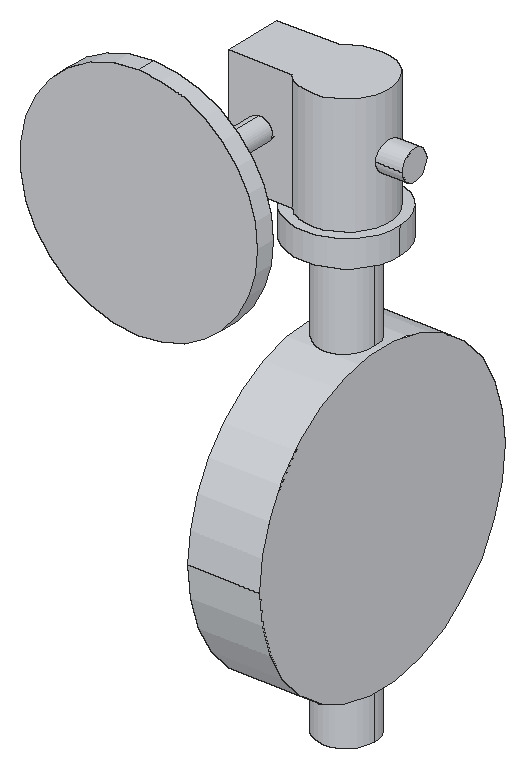
Revit family "HS497-67_disk-litina-převodové kolo DN200-RFA_2019", category Pipe Accessories, Revit 2019
Family settings
  Round Connector Dimension = Use Diameter
  Part Type = Valve - Breaks Into
  Work Plane-Based = No
  Always vertical = Yes
  Cut with Voids When Loaded = No
  Shared = No
Parameters (values of type "HS 497-67_DN200_PN16_převodové kolo")
  magiProductId = "b2793cc1fcc44cf2a35062cd67c04f"
  magiProductFamilyId = "53cea81e6f374d17b8841d9c72ad77"
  magiPartTypeId = 305
  isMeasuringValve [instance] = no
  ang2D [instance] = 0.00°
  X11 = 61.456 mm
  X1 = 25.456 mm
  W2D = 1000 mm
  VersionID = "2.0/2017.9.26.1/ZETKAMA_497_001"
  Use Minimum Symbol Size [instance] = yes
  URL = "http://www.hydronic.cz"
  Type Comments = "mezipřírubová; litinový disk; PN16; -10~+110°C (krátkodobě +120°C)"
  SW30 = yes
  SW3 = yes
  SW21 = no
  SW20 = no
  SW2 = no
  SW1 = no
  R = 100 mm
  QmdConnectorList = "301;D;302;D"
  Productdata [instance] = ""
  NC = 57 mm
  Model = ""
  Manufacturer = "Hydronic Systems Prague s.r.o."
  MM20 = 25.456 mm
  MC Product Code = "125 200 (litinový disk, s převodovým kolem; DN200; PN16, kvs2675)"
  M41 = 78.75 mm
  M4 = 52.5 mm
  LHL = 220 mm
  LHH3 = 2.45 mm
  LHH1 = 46.55 mm
  LH1 = 73.333 mm
  L4R__ve = -L4R  # -15.2 mm
  L4R = 15.2 mm
  L42__ve = -L42  # -114 mm
  L42 = 114 mm
  L41__ve = -L41  # -22.8 mm
  L41 = 22.8 mm
  L2D_Min = 3048 mm
  L2D = 216 mm
  L2 = 30 mm
  L1 = 48 mm
  L = 60 mm
  H = 33 mm
  G22 = 11.25 mm
  G2 = 22.5 mm
  G1 = 90 mm
  G = 90 mm
  F = 17 mm
  E44 = 50 mm
  E42 = 100 mm
  E4 = 200 mm
  E23 = 4.9 mm
  E22 = 19.6 mm
  E21 = 9.8 mm
  Description = "Mezipřírubová uzavírací klapka s převodovým kolem; litinový disk, DN200; PN16; kvs2675"
  DR2 = 100 mm
  DR = 257 mm
  DD1 = 25 mm
  DD = 20 mm
  D = 200 mm
  CAT0 = yes
  B2__ve = -B2  # -70 mm
  B2 = 70 mm
  A2 = 22.5 mm
  A1 = 102.5 mm
Types (43, lengths in mm): name | magiProductId | X11 | X1 | Type Comments | SW30 | SW3 | SW20 | SW2 | SW1 | R | NC | MM20 | MC Product Code | M41 | M4 | LHL | LHH3 | LHH1 | LH1 | L4R__ve | L4R | L42__ve | L42 | L41__ve | L41 | L2 | L1 | L | H | G | F | E44 | E42 | E4 | E23 | E22 | E21 | Description | DR2 | DR | DD1 | DD | D | B2__ve | B2 | A2 | A1
  HS 497-67_DN100_PN16_volné vřeteno | "65d1b245f4f142c78569c0602d5754" | 61.456 | 25.456 | "mezipřírubová; litinový disk; PN16; -10~+110°C (krátkodobě +120°C)" | no | no | no | no | yes | 50 | 50 | 25.456 | "123 100 (litinový disk, s volným vřetenem; DN100; PN16, kvs512)" | 66 | 44 | 220 | 2.45 | 46.55 | 73.333 | -12.8 | 12.8 | -96 | 96 | -19.2 | 19.2 | 26 | 41.6 | 52 | 30 | 90 | 11 | 31.25 | 62.5 | 125 | 4.9 | 19.6 | 9.8 | "Mezipřírubová uzavírací klapka s volným vřetenem; litinový disk, DN100; PN16; kvs512" | 50 | 147 | 15.625 | 12.5 | 100 | -56 | 56 | 16.5 | 98.5
  HS 497-67_DN100_PN16_převodové kolo | "11e91b807e674d428c8e796fcdcfe2" | 61.456 | 25.456 | "mezipřírubová; litinový disk; PN16; -10~+110°C (krátkodobě +120°C)" | yes | yes | no | no | no | 50 | 50 | 25.456 | "125 100 (litinový disk, s převodovým kolem; DN100; PN16, kvs512)" | 65.25 | 43.5 | 220 | 2.45 | 46.55 | 73.333 | -12.8 | 12.8 | -96 | 96 | -19.2 | 19.2 | 26 | 41.6 | 52 | 30 | 90 | 11 | 31.25 | 62.5 | 125 | 4.9 | 19.6 | 9.8 | "Mezipřírubová uzavírací klapka s převodovým kolem; litinový disk, DN100; PN16; kvs512" | 50 | 147 | 15.625 | 12.5 | 100 | -56 | 56 | 16.5 | 98.5
  HS 497-67_DN100_PN16_s pákou | "28172f0b3f4b47b28323ac71cf8749" | 61.456 | 25.456 | "mezipřírubová; litinový disk; PN16; -10~+110°C (krátkodobě +120°C)" | no | no | yes | yes | no | 50 | 50 | 25.456 | "120 100 (litinový disk, s pákou; DN100; PN16, kvs512)" | 66 | 44 | 260 | 3 | 57 | 86.667 | -12.8 | 12.8 | -96 | 96 | -19.2 | 19.2 | 26 | 41.6 | 52 | 30 | 90 | 11 | 31.25 | 62.5 | 125 | 6 | 24 | 12 | "Mezipřírubová uzavírací klapka s pákou; litinový disk, DN100; PN16; kvs512" | 50 | 147 | 15.625 | 12.5 | 100 | -56 | 56 | 16.5 | 98.5
  HS 497-67_DN125_PN16_volné vřeteno | "0d813d910fc14f628bb3c2efbd185c" | 61.456 | 25.456 | "mezipřírubová; litinový disk; PN16; -10~+110°C (krátkodobě +120°C)" | no | no | no | no | yes | 62.5 | 50 | 25.456 | "123 125 (litinový disk, s volným vřetenem; DN125; PN16, kvs872)" | 66 | 44 | 220 | 2.45 | 46.55 | 73.333 | -12.8 | 12.8 | -96 | 96 | -19.2 | 19.2 | 28 | 44.8 | 56 | 33 | 90 | 14 | 31.25 | 62.5 | 125 | 4.9 | 19.6 | 9.8 | "Mezipřírubová uzavírací klapka s volným vřetenem; litinový disk, DN125; PN16; kvs872" | 62.5 | 180 | 15.625 | 12.5 | 125 | -64 | 64 | 18 | 99.5
  HS 497-67_DN125_PN16_převodové kolo | "c56b7c13f372467684996fb1e0e229" | 61.456 | 25.456 | "mezipřírubová; litinový disk; PN16; -10~+110°C (krátkodobě +120°C)" | yes | yes | no | no | no | 62.5 | 50 | 25.456 | "125 125 (litinový disk, s převodovým kolem; DN125; PN16, kvs872)" | 65.25 | 43.5 | 220 | 2.45 | 46.55 | 73.333 | -13.5 | 13.5 | -101.25 | 101.25 | -20.25 | 20.25 | 28 | 44.8 | 56 | 33 | 90 | 14 | 40 | 80 | 160 | 4.9 | 19.6 | 9.8 | "Mezipřírubová uzavírací klapka s převodovým kolem; litinový disk, DN125; PN16; kvs872" | 62.5 | 180 | 20 | 16 | 125 | -64 | 64 | 18 | 99.5
  HS 497-67_DN125_PN16_s pákou | "105993c79a91492399feef7931321a" | 61.456 | 25.456 | "mezipřírubová; litinový disk; PN16; -10~+110°C (krátkodobě +120°C)" | no | no | yes | yes | no | 62.5 | 50 | 25.456 | "120 125 (litinový disk, s pákou; DN125; PN16, kvs872)" | 66 | 44 | 315 | 3.75 | 71.25 | 105 | -12.8 | 12.8 | -96 | 96 | -19.2 | 19.2 | 28 | 44.8 | 56 | 33 | 90 | 14 | 31.25 | 62.5 | 125 | 7.5 | 30 | 15 | "Mezipřírubová uzavírací klapka s pákou; litinový disk, DN125; PN16; kvs872" | 62.5 | 180 | 15.625 | 12.5 | 125 | -64 | 64 | 18 | 99.5
  HS 497-67_DN150_PN16_volné vřeteno | "50c80cb8ab434f55ab7796e5ac1331" | 61.456 | 25.456 | "mezipřírubová; litinový disk; PN16; -10~+110°C (krátkodobě +120°C)" | no | no | no | no | yes | 75 | 50 | 25.456 | "123 150 (litinový disk, s volným vřetenem; DN150; PN16, kvs1347)" | 66 | 44 | 220 | 2.45 | 46.55 | 73.333 | -12.8 | 12.8 | -96 | 96 | -19.2 | 19.2 | 28 | 44.8 | 56 | 33 | 90 | 14 | 31.25 | 62.5 | 125 | 4.9 | 19.6 | 9.8 | "Mezipřírubová uzavírací klapka s volným vřetenem; litinový disk, DN150; PN16; kvs1347" | 75 | 206 | 15.625 | 12.5 | 150 | -58 | 58 | 19.3 | 98.7
  HS 497-67_DN150_PN16_převodové kolo | "d94a1a0cf83b476eb10011b327f709" | 61.456 | 25.456 | "mezipřírubová; litinový disk; PN16; -10~+110°C (krátkodobě +120°C)" | yes | yes | no | no | no | 75 | 50 | 25.456 | "125 150 (litinový disk, s převodovým kolem; DN150; PN16, kvs1347)" | 65.25 | 43.5 | 220 | 2.45 | 46.55 | 73.333 | -13.5 | 13.5 | -101.25 | 101.25 | -20.25 | 20.25 | 28 | 44.8 | 56 | 33 | 90 | 14 | 40 | 80 | 160 | 4.9 | 19.6 | 9.8 | "Mezipřírubová uzavírací klapka s převodovým kolem; litinový disk, DN150; PN16; kvs1347" | 75 | 206 | 20 | 16 | 150 | -58 | 58 | 19.3 | 98.7
  HS 497-67_DN150_PN16_s pákou | "4d2835523fe84828bc50ff0a5a0dfb" | 61.456 | 25.456 | "mezipřírubová; litinový disk; PN16; -10~+110°C (krátkodobě +120°C)" | no | no | yes | yes | no | 75 | 50 | 25.456 | "120 150 (litinový disk, s pákou; DN150; PN16, kvs1347)" | 66 | 44 | 315 | 3.75 | 71.25 | 105 | -12.8 | 12.8 | -96 | 96 | -19.2 | 19.2 | 28 | 44.8 | 56 | 33 | 90 | 14 | 31.25 | 62.5 | 125 | 7.5 | 30 | 15 | "Mezipřírubová uzavírací klapka s pákou; litinový disk, DN150; PN16; kvs1347" | 75 | 206 | 15.625 | 12.5 | 150 | -58 | 58 | 19.3 | 98.7
  HS 497-67_DN200_PN16_volné vřeteno | "5b29029eaeba47139ee1055a4b9201" | 61.456 | 25.456 | "mezipřírubová; litinový disk; PN16; -10~+110°C (krátkodobě +120°C)" | no | no | no | no | yes | 100 | 50 | 25.456 | "123 200 (litinový disk, s volným vřetenem; DN200; PN16, kvs2675)" | 66 | 44 | 220 | 2.45 | 46.55 | 73.333 | -12.8 | 12.8 | -96 | 96 | -19.2 | 19.2 | 30 | 48 | 60 | 33 | 90 | 17 | 31.25 | 62.5 | 125 | 4.9 | 19.6 | 9.8 | "Mezipřírubová uzavírací klapka s volným vřetenem; litinový disk, DN200; PN16; kvs2675" | 100 | 257 | 15.625 | 12.5 | 200 | -70 | 70 | 22.5 | 102.5
  HS 497-67_DN200_PN16_převodové kolo | "b2793cc1fcc44cf2a35062cd67c04f" | 61.456 | 25.456 | "mezipřírubová; litinový disk; PN16; -10~+110°C (krátkodobě +120°C)" | yes | yes | no | no | no | 100 | 57 | 25.456 | "125 200 (litinový disk, s převodovým kolem; DN200; PN16, kvs2675)" | 78.75 | 52.5 | 220 | 2.45 | 46.55 | 73.333 | -15.2 | 15.2 | -114 | 114 | -22.8 | 22.8 | 30 | 48 | 60 | 33 | 90 | 17 | 50 | 100 | 200 | 4.9 | 19.6 | 9.8 | "Mezipřírubová uzavírací klapka s převodovým kolem; litinový disk, DN200; PN16; kvs2675" | 100 | 257 | 25 | 20 | 200 | -70 | 70 | 22.5 | 102.5
  HS 497-67_DN200_PN16_s pákou | "f88d96c7af224537a51e72d7d8fffe" | 61.456 | 25.456 | "mezipřírubová; litinový disk; PN16; -10~+110°C (krátkodobě +120°C)" | no | no | yes | yes | no | 100 | 50 | 25.456 | "120 200 (litinový disk, s pákou; DN200; PN16, kvs2675)" | 66 | 44 | 315 | 3.75 | 71.25 | 105 | -12.8 | 12.8 | -96 | 96 | -19.2 | 19.2 | 30 | 48 | 60 | 33 | 90 | 17 | 31.25 | 62.5 | 125 | 7.5 | 30 | 15 | "Mezipřírubová uzavírací klapka s pákou; litinový disk, DN200; PN16; kvs2675" | 100 | 257 | 15.625 | 12.5 | 200 | -70 | 70 | 22.5 | 102.5
  HS 497-67_DN250_PN16_volné vřeteno | "b662e8305ca2402b9c510e66e6aa55" | 88.77 | 36.77 | "mezipřírubová; litinový disk; PN16; -10~+110°C (krátkodobě +120°C)" | no | no | no | no | yes | 125 | 50 | 36.77 | "123 250 (litinový disk, s volným vřetenem; DN250; PN16, kvs4555)" | 66 | 44 | 220 | 2.45 | 46.55 | 73.333 | -12.8 | 12.8 | -96 | 96 | -19.2 | 19.2 | 34 | 54.4 | 68 | 23 | 130 | 22 | 31.25 | 62.5 | 125 | 4.9 | 19.6 | 9.8 | "Mezipřírubová uzavírací klapka s volným vřetenem; litinový disk, DN250; PN16; kvs4555" | 125 | 324 | 15.625 | 12.5 | 250 | -85 | 85 | 28.25 | 129.25
  HS 497-67_DN250_PN16_převodové kolo | "5ee9016806664ddfaa2632711f295c" | 88.77 | 36.77 | "mezipřírubová; litinový disk; PN16; -10~+110°C (krátkodobě +120°C)" | yes | yes | no | no | no | 125 | 70 | 36.77 | "125 250 (litinový disk, s převodovým kolem; DN250; PN16, kvs4555)" | 91.5 | 61 | 220 | 2.45 | 46.55 | 73.333 | -22.2 | 22.2 | -166.5 | 166.5 | -33.3 | 33.3 | 34 | 54.4 | 68 | 23 | 130 | 22 | 62.5 | 125 | 250 | 4.9 | 19.6 | 9.8 | "Mezipřírubová uzavírací klapka s převodovým kolem; litinový disk, DN250; PN16; kvs4555" | 125 | 324 | 31.25 | 25 | 250 | -85 | 85 | 28.25 | 129.25
  HS 497-67_DN300_PN16_volné vřeteno | "e1886f51ff004380a649519258edf2" | 88.77 | 36.77 | "mezipřírubová; litinový disk; PN16; -10~+110°C (krátkodobě +120°C)" | no | no | no | no | yes | 150 | 50 | 36.77 | "123 300 (litinový disk, s volným vřetenem; DN300; PN16, kvs7037)" | 66 | 44 | 220 | 2.45 | 46.55 | 73.333 | -12.8 | 12.8 | -96 | 96 | -19.2 | 19.2 | 39 | 62.4 | 78 | 23 | 130 | 22 | 31.25 | 62.5 | 125 | 4.9 | 19.6 | 9.8 | "Mezipřírubová uzavírací klapka s volným vřetenem; litinový disk, DN300; PN16; kvs7037" | 150 | 376 | 15.625 | 12.5 | 300 | -90 | 90 | 30.8 | 127.2
  HS 497-67_DN300_PN16_převodové kolo | "6860f094f77d42088fbebc3c97f755" | 88.77 | 36.77 | "mezipřírubová; litinový disk; PN16; -10~+110°C (krátkodobě +120°C)" | yes | yes | no | no | no | 150 | 70 | 36.77 | "125 300 (litinový disk, s převodovým kolem; DN300; PN16, kvs7037)" | 91.5 | 61 | 220 | 2.45 | 46.55 | 73.333 | -22.2 | 22.2 | -166.5 | 166.5 | -33.3 | 33.3 | 39 | 62.4 | 78 | 23 | 130 | 22 | 62.5 | 125 | 250 | 4.9 | 19.6 | 9.8 | "Mezipřírubová uzavírací klapka s převodovým kolem; litinový disk, DN300; PN16; kvs7037" | 150 | 376 | 31.25 | 25 | 300 | -90 | 90 | 30.8 | 127.2
  HS 497-67_DN032_PN16_volné vřeteno | "8c5f65de52aa4067a77564107e31b2" | 61.456 | 25.456 | "mezipřírubová; litinový disk; PN16; -10~+110°C (krátkodobě +120°C)" | no | no | no | no | yes | 16 | 50 | 25.456 | "123 032 (litinový disk, s volným vřetenem; DN32; PN16, kvs78)" | 66 | 44 | 220 | 2.45 | 46.55 | 73.333 | -12.8 | 12.8 | -96 | 96 | -19.2 | 19.2 | 16.5 | 26.4 | 33 | 30 | 90 | 11 | 31.25 | 62.5 | 125 | 4.9 | 19.6 | 9.8 | "Mezipřírubová uzavírací klapka s volným vřetenem; litinový disk, DN32; PN16; kvs78" | 16 | 68 | 15.625 | 12.5 | 32 | -44.2 | 44.2 | 10.25 | 76.25
  HS 497-67_DN032_PN16_převodové kolo | "60aaeffa8b3a4e809ef000e4660060" | 61.456 | 25.456 | "mezipřírubová; litinový disk; PN16; -10~+110°C (krátkodobě +120°C)" | yes | yes | no | no | no | 16 | 50 | 25.456 | "125 032 (litinový disk, s převodovým kolem; DN32; PN16, kvs78)" | 65.25 | 43.5 | 220 | 2.45 | 46.55 | 73.333 | -12.8 | 12.8 | -96 | 96 | -19.2 | 19.2 | 16.5 | 26.4 | 33 | 30 | 90 | 11 | 31.25 | 62.5 | 125 | 4.9 | 19.6 | 9.8 | "Mezipřírubová uzavírací klapka s převodovým kolem; litinový disk, DN32; PN16; kvs78" | 16 | 68 | 15.625 | 12.5 | 32 | -44.2 | 44.2 | 10.25 | 76.25
  HS 497-67_DN032_PN16_s pákou | "9ad8088d610749a1b871aa2aad8007" | 61.456 | 25.456 | "mezipřírubová; litinový disk; PN16; -10~+110°C (krátkodobě +120°C)" | no | no | yes | yes | no | 16 | 50 | 25.456 | "120 032 (litinový disk, s pákou; DN32; PN16, kvs78)" | 66 | 44 | 220 | 2.45 | 46.55 | 73.333 | -12.8 | 12.8 | -96 | 96 | -19.2 | 19.2 | 16.5 | 26.4 | 33 | 30 | 90 | 11 | 31.25 | 62.5 | 125 | 4.9 | 19.6 | 9.8 | "Mezipřírubová uzavírací klapka s pákou; litinový disk, DN32; PN16; kvs78" | 16 | 68 | 15.625 | 12.5 | 32 | -44.2 | 44.2 | 10.25 | 76.25
  HS 497-67_DN350_PN10_volné vřeteno | "72a1e05f22944421b7e9596a877137" | 109.255 | 45.255 | "mezipřírubová; litinový disk; PN10; -10~+110°C (krátkodobě +120°C)" | no | no | no | no | yes | 175 | 50 | 45.255 | "123 350 (litinový disk, s volným vřetenem; DN350; PN10, kvs10165)" | 66 | 44 | 220 | 2.45 | 46.55 | 73.333 | -12.8 | 12.8 | -96 | 96 | -19.2 | 19.2 | 39 | 62.4 | 78 | 31 | 160 | 22 | 31.25 | 62.5 | 125 | 4.9 | 19.6 | 9.8 | "Mezipřírubová uzavírací klapka s volným vřetenem; litinový disk, DN350; PN10; kvs10165" | 175 | 430 | 15.625 | 12.5 | 350 | -88 | 88 | 33.85 | 129.65
  HS 497-67_DN350_PN10_převodové kolo | "a5a01426cb28494ba3afca92f1dace" | 109.255 | 45.255 | "mezipřírubová; litinový disk; PN10; -10~+110°C (krátkodobě +120°C)" | yes | yes | no | no | no | 175 | 70 | 45.255 | "125 350 (litinový disk, s převodovým kolem; DN350; PN10, kvs10165)" | 91.5 | 61 | 220 | 2.45 | 46.55 | 73.333 | -22.2 | 22.2 | -166.5 | 166.5 | -33.3 | 33.3 | 39 | 62.4 | 78 | 31 | 160 | 22 | 62.5 | 125 | 250 | 4.9 | 19.6 | 9.8 | "Mezipřírubová uzavírací klapka s převodovým kolem; litinový disk, DN350; PN10; kvs10165" | 175 | 430 | 31.25 | 25 | 350 | -88 | 88 | 33.85 | 129.65
  HS 497-67_DN400_PN10_volné vřeteno | "c70ebeb927c04ab99b176e257ad0a7" | 109.255 | 45.255 | "mezipřírubová; litinový disk; PN10; -10~+110°C (krátkodobě +120°C)" | no | no | no | no | yes | 200 | 50 | 45.255 | "123 400 (litinový disk, s volným vřetenem; DN400; PN10, kvs13799)" | 66 | 44 | 220 | 2.45 | 46.55 | 73.333 | -12.8 | 12.8 | -96 | 96 | -19.2 | 19.2 | 51 | 81.6 | 102 | 31 | 160 | 27 | 31.25 | 62.5 | 125 | 4.9 | 19.6 | 9.8 | "Mezipřírubová uzavírací klapka s volným vřetenem; litinový disk, DN400; PN10; kvs13799" | 200 | 485 | 15.625 | 12.5 | 400 | -108 | 108 | 38 | 142
  HS 497-67_DN400_PN10_převodové kolo | "cc64a4384dcb41b780d81810f4f293" | 109.255 | 45.255 | "mezipřírubová; litinový disk; PN10; -10~+110°C (krátkodobě +120°C)" | yes | yes | no | no | no | 200 | 72.5 | 45.255 | "125 400 (litinový disk, s převodovým kolem; DN400; PN10, kvs13799)" | 103.5 | 69 | 220 | 2.45 | 46.55 | 73.333 | -27.8 | 27.8 | -208.5 | 208.5 | -41.7 | 41.7 | 51 | 81.6 | 102 | 31 | 160 | 27 | 75 | 150 | 300 | 4.9 | 19.6 | 9.8 | "Mezipřírubová uzavírací klapka s převodovým kolem; litinový disk, DN400; PN10; kvs13799" | 200 | 485 | 37.5 | 30 | 400 | -108 | 108 | 38 | 142
  HS 497-67_DN040_PN16_volné vřeteno | "35f92312390745e88df5b5c325d9ee" | 61.456 | 25.456 | "mezipřírubová; litinový disk; PN16; -10~+110°C (krátkodobě +120°C)" | no | no | no | no | yes | 20 | 50 | 25.456 | "123 040 (litinový disk, s volným vřetenem; DN40; PN16, kvs78)" | 66 | 44 | 220 | 2.45 | 46.55 | 73.333 | -12.8 | 12.8 | -96 | 96 | -19.2 | 19.2 | 16.5 | 26.4 | 33 | 30 | 90 | 11 | 31.25 | 62.5 | 125 | 4.9 | 19.6 | 9.8 | "Mezipřírubová uzavírací klapka s volným vřetenem; litinový disk, DN40; PN16; kvs78" | 20 | 76 | 15.625 | 12.5 | 40 | -36 | 36 | 11 | 79
  HS 497-67_DN040_PN16_převodové kolo | "d88e968eae3445bc9b7b4e6ff35127" | 61.456 | 25.456 | "mezipřírubová; litinový disk; PN16; -10~+110°C (krátkodobě +120°C)" | yes | yes | no | no | no | 20 | 50 | 25.456 | "125 040 (litinový disk, s převodovým kolem; DN40; PN16, kvs78)" | 65.25 | 43.5 | 220 | 2.45 | 46.55 | 73.333 | -12.8 | 12.8 | -96 | 96 | -19.2 | 19.2 | 16.5 | 26.4 | 33 | 30 | 90 | 11 | 31.25 | 62.5 | 125 | 4.9 | 19.6 | 9.8 | "Mezipřírubová uzavírací klapka s převodovým kolem; litinový disk, DN40; PN16; kvs78" | 20 | 76 | 15.625 | 12.5 | 40 | -36 | 36 | 11 | 79
  HS 497-67_DN040_PN16_s pákou | "c1b522ca65b4407a98818f232eaacb" | 61.456 | 25.456 | "mezipřírubová; litinový disk; PN16; -10~+110°C (krátkodobě +120°C)" | no | no | yes | yes | no | 20 | 50 | 25.456 | "120 040 (litinový disk, s pákou; DN40; PN16, kvs78)" | 66 | 44 | 220 | 2.45 | 46.55 | 73.333 | -12.8 | 12.8 | -96 | 96 | -19.2 | 19.2 | 16.5 | 26.4 | 33 | 30 | 90 | 11 | 31.25 | 62.5 | 125 | 4.9 | 19.6 | 9.8 | "Mezipřírubová uzavírací klapka s pákou; litinový disk, DN40; PN16; kvs78" | 20 | 76 | 15.625 | 12.5 | 40 | -36 | 36 | 11 | 79
  HS 497-67_DN450_PN10_volné vřeteno | "a8358bc282f14872b3194e530e590a" | 129.74 | 53.74 | "mezipřírubová; litinový disk; PN10; -10~+110°C (krátkodobě +120°C)" | no | no | no | no | yes | 225 | 50 | 53.74 | "123 450 (litinový disk, s volným vřetenem; DN450; PN10, kvs18514)" | 66 | 44 | 220 | 2.45 | 46.55 | 73.333 | -12.8 | 12.8 | -96 | 96 | -19.2 | 19.2 | 57 | 91.2 | 114 | 38 | 190 | 36 | 31.25 | 62.5 | 125 | 4.9 | 19.6 | 9.8 | "Mezipřírubová uzavírací klapka s volným vřetenem; litinový disk, DN450; PN10; kvs18514" | 225 | 536 | 15.625 | 12.5 | 450 | -115 | 115 | 38.05 | 117.45
  HS 497-67_DN450_PN10_převodové kolo | "cdf2d80f54a9414f9cbe50647c0ebd" | 129.74 | 53.74 | "mezipřírubová; litinový disk; PN10; -10~+110°C (krátkodobě +120°C)" | yes | yes | no | no | no | 225 | 91.5 | 53.74 | "125 450 (litinový disk, s převodovým kolem; DN450; PN10, kvs18514)" | 144.75 | 96.5 | 220 | 2.45 | 46.55 | 73.333 | -32.1 | 32.1 | -240.75 | 240.75 | -48.15 | 48.15 | 57 | 91.2 | 114 | 38 | 190 | 36 | 100 | 200 | 400 | 4.9 | 19.6 | 9.8 | "Mezipřírubová uzavírací klapka s převodovým kolem; litinový disk, DN450; PN10; kvs18514" | 225 | 536 | 50 | 40 | 450 | -115 | 115 | 38.05 | 117.45
  HS 497-67_DN500_PN10_volné vřeteno | "8c396e27bb2743f98f3c762b6517cd" | 143.397 | 59.397 | "mezipřírubová; litinový disk; PN10; -10~+110°C (krátkodobě +120°C)" | no | no | no | no | yes | 250 | 50 | 59.397 | "123 500 (litinový disk, s volným vřetenem; DN500; PN10, kvs23805)" | 66 | 44 | 220 | 2.45 | 46.55 | 73.333 | -12.8 | 12.8 | -96 | 96 | -19.2 | 19.2 | 63.5 | 101.6 | 127 | 38 | 210 | 36 | 31.25 | 62.5 | 125 | 4.9 | 19.6 | 9.8 | "Mezipřírubová uzavírací klapka s volným vřetenem; litinový disk, DN500; PN10; kvs23805" | 250 | 593 | 15.625 | 12.5 | 500 | -130 | 130 | 43.25 | 139.25
  HS 497-67_DN500_PN10_převodové kolo | "7647804f32e94cef828a7034a91a46" | 143.397 | 59.397 | "mezipřírubová; litinový disk; PN10; -10~+110°C (krátkodobě +120°C)" | yes | yes | no | no | no | 250 | 91.5 | 59.397 | "125 500 (litinový disk, s převodovým kolem; DN500; PN10, kvs23805)" | 144.75 | 96.5 | 220 | 2.45 | 46.55 | 73.333 | -32.1 | 32.1 | -240.75 | 240.75 | -48.15 | 48.15 | 63.5 | 101.6 | 127 | 38 | 210 | 36 | 100 | 200 | 400 | 4.9 | 19.6 | 9.8 | "Mezipřírubová uzavírací klapka s převodovým kolem; litinový disk, DN500; PN10; kvs23805" | 250 | 593 | 50 | 40 | 500 | -130 | 130 | 43.25 | 139.25
  HS 497-67_DN050_volné vřeteno | "d71f296ecd6d4adf8f6e5d9853b4e0" | 61.456 | 25.456 | "mezipřírubová; litinový disk; PN16; -10~+110°C (krátkodobě +120°C)" | no | no | no | no | yes | 25 | 50 | 25.456 | "123 050 (litinový disk, s volným vřetenem; DN50; PN16, kvs98)" | 66 | 44 | 220 | 2.45 | 46.55 | 73.333 | -12.8 | 12.8 | -96 | 96 | -19.2 | 19.2 | 21.5 | 34.4 | 43 | 30 | 90 | 11 | 31.25 | 62.5 | 125 | 4.9 | 19.6 | 9.8 | "Mezipřírubová uzavírací klapka s volným vřetenem; litinový disk, DN50; PN16; kvs98" | 25 | 100 | 15.625 | 12.5 | 50 | -36.5 | 36.5 | 12 | 83
  HS 497-67_DN050_PN16_převodové kolo | "2fb080deeaed49c58418b94c1da5a4" | 61.456 | 25.456 | "mezipřírubová; litinový disk; PN16; -10~+110°C (krátkodobě +120°C)" | yes | yes | no | no | no | 25 | 50 | 25.456 | "125 050 (litinový disk, s převodovým kolem; DN50; PN16, kvs98)" | 65.25 | 43.5 | 220 | 2.45 | 46.55 | 73.333 | -12.8 | 12.8 | -96 | 96 | -19.2 | 19.2 | 21.5 | 34.4 | 43 | 30 | 90 | 11 | 31.25 | 62.5 | 125 | 4.9 | 19.6 | 9.8 | "Mezipřírubová uzavírací klapka s převodovým kolem; litinový disk, DN50; PN16; kvs98" | 25 | 100 | 15.625 | 12.5 | 50 | -36.5 | 36.5 | 12 | 83
  HS 497-67_DN050_PN16_s pákou | "dabc632061f94877a994b9b4e68112" | 61.456 | 25.456 | "mezipřírubová; litinový disk; PN16; -10~+110°C (krátkodobě +120°C)" | no | no | yes | yes | no | 25 | 50 | 25.456 | "120 050 (litinový disk, s pákou; DN50; PN16, kvs98)" | 66 | 44 | 220 | 2.45 | 46.55 | 73.333 | -12.8 | 12.8 | -96 | 96 | -19.2 | 19.2 | 21.5 | 34.4 | 43 | 30 | 90 | 11 | 31.25 | 62.5 | 125 | 4.9 | 19.6 | 9.8 | "Mezipřírubová uzavírací klapka s pákou; litinový disk, DN50; PN16; kvs98" | 25 | 100 | 15.625 | 12.5 | 50 | -36.5 | 36.5 | 12 | 83
  HS 497-67_DN600_PN10_volné vřeteno | "99d5892c14664fce81a7c5903f7711" | 143.397 | 59.397 | "mezipřírubová; litinový disk; PN10; -10~+110°C (krátkodobě +120°C)" | no | no | no | no | yes | 300 | 50 | 59.397 | "123 600 (litinový disk, s volným vřetenem; DN600; PN10, kvs36778)" | 66 | 44 | 220 | 2.45 | 46.55 | 73.333 | -12.8 | 12.8 | -96 | 96 | -19.2 | 19.2 | 77 | 123.2 | 154 | 80 | 210 | 60 | 31.25 | 62.5 | 125 | 4.9 | 19.6 | 9.8 | "Mezipřírubová uzavírací klapka s volným vřetenem; litinový disk, DN600; PN10; kvs36788" | 300 | 690 | 15.625 | 12.5 | 600 | -140 | 140 | 49.4 | 144.6
  HS 497-67_DN600_PN10_převodové kolo | "b1e26faab48a4c499f6bb11e7e3002" | 143.397 | 59.397 | "mezipřírubová; litinový disk; PN10; -10~+110°C (krátkodobě +120°C)" | yes | yes | no | no | no | 300 | 140 | 59.397 | "125 600 (litinový disk, s převodovým kolem; DN600; PN10, kvs36778)" | 206.25 | 137.5 | 220 | 2.45 | 46.55 | 73.333 | -40.8 | 40.8 | -306 | 306 | -61.2 | 61.2 | 77 | 123.2 | 154 | 80 | 210 | 60 | 125 | 250 | 500 | 4.9 | 19.6 | 9.8 | "Mezipřírubová uzavírací klapka s převodovým kolem; litinový disk, DN600; PN10; kvs36788" | 300 | 690 | 62.5 | 50 | 600 | -140 | 140 | 49.4 | 144.6
  HS 497-67_DN065_PN16_volné vřeteno | "5e5e208646e34ec29f889baab5d08e" | 61.456 | 25.456 | "mezipřírubová; litinový disk; PN16; -10~+110°C (krátkodobě +120°C)" | no | no | no | no | yes | 32.5 | 50 | 25.456 | "123 065 (litinový disk, s volným vřetenem; DN65; PN16, kvs167)" | 66 | 44 | 220 | 2.45 | 46.55 | 73.333 | -12.8 | 12.8 | -96 | 96 | -19.2 | 19.2 | 23 | 36.8 | 46 | 30 | 90 | 11 | 31.25 | 62.5 | 125 | 4.9 | 19.6 | 9.8 | "Mezipřírubová uzavírací klapka s volným vřetenem; litinový disk, DN65; PN16; kv167" | 32.5 | 108 | 15.625 | 12.5 | 65 | -36.5 | 36.5 | 13.5 | 89
  HS 497-67_DN065_PN16_převodové kolo | "654d74c8d15540b0bfe523d988ccb3" | 61.456 | 25.456 | "mezipřírubová; litinový disk; PN16; -10~+110°C (krátkodobě +120°C)" | yes | yes | no | no | no | 32.5 | 50 | 25.456 | "125 065 (litinový disk, s převodovým kolem; DN65; PN16, kvs167)" | 65.25 | 43.5 | 220 | 2.45 | 46.55 | 73.333 | -12.8 | 12.8 | -96 | 96 | -19.2 | 19.2 | 23 | 36.8 | 46 | 30 | 90 | 11 | 31.25 | 62.5 | 125 | 4.9 | 19.6 | 9.8 | "Mezipřírubová uzavírací klapka s převodovým kolem; litinový disk, DN65; PN16; kvs167" | 32.5 | 108 | 15.625 | 12.5 | 65 | -36.5 | 36.5 | 13.5 | 89
  HS 497-67_DN065_PN16_s pákou | "ebeb4b59db0641caaf6d6635ab37b9" | 61.456 | 25.456 | "mezipřírubová; litinový disk; PN16; -10~+110°C (krátkodobě +120°C)" | no | no | yes | yes | no | 32.5 | 50 | 25.456 | "120 065 (litinový disk, s pákou; DN65; PN16, kvs167)" | 66 | 44 | 220 | 2.45 | 46.55 | 73.333 | -12.8 | 12.8 | -96 | 96 | -19.2 | 19.2 | 23 | 36.8 | 46 | 30 | 90 | 11 | 31.25 | 62.5 | 125 | 4.9 | 19.6 | 9.8 | "Mezipřírubová uzavírací klapka s pákou; litinový disk, DN65; PN16; kvs167" | 32.5 | 108 | 15.625 | 12.5 | 65 | -36.5 | 36.5 | 13.5 | 89
  HS 497-67_DN080_PN16_volné vřeteno | "9e85c75c18654e1185a9c48ed6b00e" | 61.456 | 25.456 | "mezipřírubová; litinový disk; PN16; -10~+110°C (krátkodobě +120°C)" | no | no | no | no | yes | 40 | 50 | 25.456 | "123 080 (litinový disk, s volným vřetenem; DN80; PN16, kvs258)" | 66 | 44 | 220 | 2.45 | 46.55 | 73.333 | -12.8 | 12.8 | -96 | 96 | -19.2 | 19.2 | 23 | 36.8 | 46 | 30 | 90 | 11 | 31.25 | 62.5 | 125 | 4.9 | 19.6 | 9.8 | "Mezipřírubová uzavírací klapka s volným vřetenem; litinový disk, DN80; PN16; kvs258" | 40 | 124 | 15.625 | 12.5 | 80 | -54 | 54 | 14.1 | 86.9
  HS 497-67_DN080_PN16_převodové kolo | "5b3c8238c3d041e68c75b199e7ea46" | 61.456 | 25.456 | "mezipřírubová; litinový disk; PN16; -10~+110°C (krátkodobě +120°C)" | yes | yes | no | no | no | 40 | 50 | 25.456 | "125 080 (litinový disk, s převodovým kolem; DN80; PN16, kvs258)" | 65.25 | 43.5 | 220 | 2.45 | 46.55 | 73.333 | -12.8 | 12.8 | -96 | 96 | -19.2 | 19.2 | 23 | 36.8 | 46 | 30 | 90 | 11 | 31.25 | 62.5 | 125 | 4.9 | 19.6 | 9.8 | "Mezipřírubová uzavírací klapka s převodovým kolem; litinový disk, DN80; PN16; kvs258" | 40 | 124 | 15.625 | 12.5 | 80 | -54 | 54 | 14.1 | 86.9
  HS 497-67_DN080_PN16_s pákou | "e414795fab0f4eccb99bc3572c5477" | 61.456 | 25.456 | "mezipřírubová; litinový disk; PN16; -10~+110°C (krátkodobě +120°C)" | no | no | yes | yes | no | 40 | 50 | 25.456 | "120 080 (litinový disk, s pákou; DN80; PN16, kvs258)" | 66 | 44 | 260 | 3 | 57 | 86.667 | -12.8 | 12.8 | -96 | 96 | -19.2 | 19.2 | 23 | 36.8 | 46 | 30 | 90 | 11 | 31.25 | 62.5 | 125 | 6 | 24 | 12 | "Mezipřírubová uzavírací klapka s pákou; litinový disk, DN80; PN16; kvs258" | 40 | 124 | 15.625 | 12.5 | 80 | -54 | 54 | 14.1 | 86.9
  HS 497-67_DN250_PN16_s pákou | "" | 88.77 | 36.77 | "mezipřírubová; litinový disk; PN16; -10~+110°C (krátkodobě +120°C)" | no | no | yes | yes | no | 125 | 70 | 36.77 | "120 250 (litinový disk, s pákou; DN250; PN16, kvs4555)" | 91.5 | 61 | 220 | 2.45 | 46.55 | 73.333 | -22.2 | 22.2 | -166.5 | 166.5 | -33.3 | 33.3 | 34 | 54.4 | 68 | 23 | 130 | 22 | 62.5 | 125 | 250 | 4.9 | 19.6 | 9.8 | "Mezipřírubová uzavírací klapka s pákou; litinový disk, DN250; PN16; kvs4555" | 125 | 324 | 31.25 | 25 | 250 | -85 | 85 | 28.25 | 129.25
  HS 497-67_DN300_PN16_s pákou | "" | 88.77 | 36.77 | "mezipřírubová; litinový disk; PN16; -10~+110°C (krátkodobě +120°C)" | no | no | yes | yes | no | 150 | 70 | 36.77 | "120 300 (litinový disk, s pákou; DN300; PN16, kvs7037)" | 91.5 | 61 | 220 | 2.45 | 46.55 | 73.333 | -22.2 | 22.2 | -166.5 | 166.5 | -33.3 | 33.3 | 39 | 62.4 | 78 | 23 | 130 | 22 | 62.5 | 125 | 250 | 4.9 | 19.6 | 9.8 | "Mezipřírubová uzavírací klapka s pákou; litinový disk, DN300; PN16; kvs7037" | 150 | 376 | 31.25 | 25 | 300 | -90 | 90 | 30.8 | 127.2
Reference planes
  plane 1 "Center (Front/Back)": y = 0
  plane 2 "XYPLANE": z = 0
  plane 3 "Center (Left/Right)": x = 0
  plane 4 "473": x = -25.456
  plane 5 "472": x = -78.75
  plane 6 "471": y = -25.456
  plane 7 "470": y = 25.456
  plane 8 "469": x = -52.5
  plane 9 "468": y = -136.8
  plane 10 "467": y = -114
  plane 11 "466": z = 275
  plane 12 "465": z = 271.55
  plane 13 "464": y = 145.417
  plane 14 "463": z = 261.75
  plane 15 "462": z = 244.6
  plane 16 "461": z = 254.4
  plane 17 "460": y = 72.083
  plane 18 "459": x = -11.25
  plane 19 "458": x = 11.25
  plane 20 "457": y = -6.25
  plane 21 "456": x = -17.5
  plane 22 "455": x = 17.5
  plane 23 "454": z = 259.3
  plane 24 "453": y = 62.083
  plane 25 "452": y = -11.25
  plane 26 "451": x = -22.5
  plane 27 "450": x = 22.5
  plane 28 "449": z = 239.7
  plane 29 "448": z = 234.8
  plane 30 "447": z = -100
  plane 31 "446": z = 225
  plane 32 "445": z = 202.5
  plane 33 "444": z = 100
  plane 34 "443": x = 30
  plane 35 "442": x = -30
  plane 36 "441": z = 0
  plane 37 "440": y = 0
  plane 38 "439": x = 0
  plane 39 "438": z = 274
  plane 40 "437": z = 259.3
  plane 41 "436": x = 13.7
  plane 42 "435": x = -13.7
  plane 43 "434": y = 220
Forms (mm)
  Extrusion 1, solid, visible <- "SW3"
    sketch origin (-750, 0, 225) x (1, 0, 0) y (0, 1, 0)
      loop
        line (671.25, 25.456) -> (671.25, -25.456) -> (724.544, -25.456)
        arc (724.544, -25.456) -> (786, 0) -> (724.544, 25.456) r 36
        line (724.544, 25.456) -> (671.25, 25.456)
    from 0 to 100 <- "E42"
  Extrusion 2, solid, visible <- "SW30"
    sketch origin (0, -750, 0) x (0, 1, 0) y (0, 0, 1)
      loop
        circle (750, 275) r 12.5
    from 0 to 57 <- "NC"
  Extrusion 3, solid, visible <- "SW30"
    sketch origin (750, -136.8, 0) x (-1, 0, 0) y (0, 0, 1)
      loop
        circle (802.5, 275) r 100
    from 0 to -15.2 <- "L4R__ve"
  Extrusion 4, solid, visible <- "SW3"
    sketch origin (750, -114, 0) x (-1, 0, 0) y (0, 0, 1)
      loop
        circle (802.5, 275) r 12.5
    from 0 to -22.8 <- "L41__ve"
  Extrusion 5, solid, visible <- "SW30"
    sketch origin (750, 0, 0) x (-1, 0, 0) y (0, 0, 1)
      loop
        circle (802.5, 275) r 10
    from 0 to -114 <- "L42__ve"
  Blend 6, solid, visible <- "SW21"
    base sketch origin (750, 72.083, 0) x (-1, 0, 0) y (0, 0, 1)
      loop
        line (761.25, 254.4) -> (738.75, 254.4) -> (738.75, 244.6) -> (761.25, 244.6) -> (761.25, 254.4)
    top sketch origin (750, 72.083, 0) x (-1, 0, 0) y (0, 0, 1)
      loop
        line (761.25, 271.55) -> (738.75, 271.55) -> (738.75, 261.75) -> (761.25, 261.75) -> (761.25, 271.55)
    from 0 to 73.333
  Blend 7, solid, visible <- "SW21"
    base sketch origin (750, 62.083, 0) x (-1, 0, 0) y (0, 0, 1)
      loop
        line (761.25, 259.3) -> (738.75, 259.3) -> (738.75, 239.7) -> (761.25, 239.7) -> (761.25, 259.3)
    top sketch origin (750, 62.083, 0) x (-1, 0, 0) y (0, 0, 1)
      loop
        line (761.25, 254.4) -> (738.75, 254.4) -> (738.75, 244.6) -> (761.25, 244.6) -> (761.25, 254.4)
    from 0 to 10
  Blend 8, solid, visible <- "SW21"
    base sketch origin (-750, 0, 239.7) x (1, 0, 0) y (0, 1, 0)
      loop
        line (772.5, 62.083) -> (727.5, 62.083) -> (727.5, -11.25)
        arc (727.5, -11.25) -> (750, -31.25) -> (772.5, -11.25) r 22.656
        line (772.5, -11.25) -> (772.5, 62.083)
    top sketch origin (-750, 0, 239.7) x (1, 0, 0) y (0, 1, 0)
      loop
        line (767.5, 62.083) -> (732.5, 62.083) -> (732.5, -6.25)
        arc (732.5, -6.25) -> (750, -26.25) -> (767.5, -6.25) r 17.656
        line (767.5, -6.25) -> (767.5, 62.083)
    from 0 to 19.6
  Extrusion 9, solid, visible <- "SW2"
    sketch origin (-750, 0, 234.8) x (1, 0, 0) y (0, 1, 0)
      loop
        circle (750, 0) r 11.25
    from 0 to 4.9 <- "E23"
  Extrusion 10, solid, visible <- "SW2"
    sketch origin (-750, 0, 225) x (1, 0, 0) y (0, 1, 0)
      loop
        circle (750, 0) r 45
    from 0 to 9.8 <- "E21"
  Extrusion 11, solid, visible <- "CAT0"
    sketch origin (-750, 0, -100) x (1, 0, 0) y (0, 1, 0)
      loop
        circle (750, 0) r 24
    from 0 to -70 <- "B2__ve"
  Extrusion 12, solid, visible <- "CAT0"
    sketch origin (-750, 0, 202.5) x (1, 0, 0) y (0, 1, 0)
      loop
        circle (750, 0) r 45
    from 0 to 22.5 <- "A2"
  Extrusion 13, solid, visible <- "CAT0"
    sketch origin (-750, 0, 100) x (1, 0, 0) y (0, 1, 0)
      loop
        circle (750, 0) r 24
    from 0 to 102.5 <- "A1"
  Extrusion 14, solid, visible <- "CAT0"
    sketch origin (-30, -750, 0) x (0, 1, 0) y (0, 0, 1)
      loop
        circle (750, 0) r 128.5
    from 0 to 60 <- "L"
  Extrusion 15, solid, visible <- "SW1"
    sketch origin (-750, 0, 225) x (1, 0, 0) y (0, 1, 0)
      loop
        line (758.5, 8.5) -> (741.5, 8.5) -> (741.5, -8.5) -> (758.5, -8.5) -> (758.5, 8.5)
    from 0 to 33 <- "H"
  Blend 16, solid, visible <- "SW2"
    base sketch origin (750, 145.417, 0) x (-1, 0, 0) y (0, 0, 1)
      loop
        arc (763.7, 269) -> (762.236, 272.536) -> (758.7, 274) r 5
        line (758.7, 274) -> (741.3, 274)
        arc (741.3, 274) -> (737.764, 272.536) -> (736.3, 269) r 5
        line (736.3, 269) -> (736.3, 264.3)
        arc (736.3, 264.3) -> (737.764, 260.764) -> (741.3, 259.3) r 5
        line (741.3, 259.3) -> (758.7, 259.3)
        arc (758.7, 259.3) -> (762.236, 260.764) -> (763.7, 264.3) r 5
        line (763.7, 264.3) -> (763.7, 269)
    top sketch origin (750, 145.417, 0) x (-1, 0, 0) y (0, 0, 1)
      loop
        arc (763.7, 269) -> (762.236, 272.536) -> (758.7, 274) r 5
        line (758.7, 274) -> (741.3, 274)
        arc (741.3, 274) -> (737.764, 272.536) -> (736.3, 269) r 5
        line (736.3, 269) -> (736.3, 264.3)
        arc (736.3, 264.3) -> (737.764, 260.764) -> (741.3, 259.3) r 5
        line (741.3, 259.3) -> (758.7, 259.3)
        arc (758.7, 259.3) -> (762.236, 260.764) -> (763.7, 264.3) r 5
        line (763.7, 264.3) -> (763.7, 269)
    from 0 to 74.583
  Blend 17, solid, visible <- "SW20"
    base sketch origin (750, 145.417, 0) x (-1, 0, 0) y (0, 0, 1)
      loop
        line (763.7, 274) -> (736.3, 274) -> (736.3, 259.3) -> (763.7, 259.3) -> (763.7, 274)
    top sketch origin (750, 145.417, 0) x (-1, 0, 0) y (0, 0, 1)
      loop
        line (761.25, 259.3) -> (738.75, 259.3) -> (738.75, 239.7) -> (761.25, 239.7) -> (761.25, 259.3)
    from 0 to -83.333
  Extrusion 18, solid, visible <- "SW20"
    sketch origin (-750, 0, 239.7) x (1, 0, 0) y (0, 1, 0)
      loop
        line (772.5, 62.083) -> (727.5, 62.083) -> (727.5, -11.25)
        arc (727.5, -11.25) -> (750, -31.25) -> (772.5, -11.25) r 22.656
        line (772.5, -11.25) -> (772.5, 62.083)
    from 0 to 19.6 <- "E22"
  Extrusion 19, solid, not visible
    sketch origin (-30, -750, 0) x (0, 1, 0) y (0, 0, 1)
      loop
        circle (750, 0) r 10
    from 0 to 10
  Extrusion 20, solid, not visible
    sketch origin (30, -750, 0) x (0, 1, 0) y (0, 0, 1)
      loop
        circle (750, 0) r 10
    from 0 to -10
Lines and regions (mm)
  reference lines, not visible
    curve 1: circle (2, 2, 0) r 1 normal (0, 0, 1)
  reference lines
    curve 2: line (-25.456, -25.456, 225) -> (-25.456, 25.456, 225)
    curve 3: line (-17.5, -6.25, 239.7) -> (17.5, -6.25, 239.7)
    curve 4: line (-22.5, -11.25, 239.7) -> (22.5, -11.25, 239.7)
    curve 5: circle (0, 0, 225) r 1 normal (0, 0, 1)
    curve 6: line (-22.5, -11.25, 239.7) -> (22.5, -11.25, 239.7)
Dimensions and locks
  plane 1 "Center (Front/Back)" to curve 1 = 2 mm
  "X1": plane 3 "Center (Left/Right)" to plane 4 "473"
  "M41": plane 3 "Center (Left/Right)" to plane 5 "472"
  "MM20": plane 1 "Center (Front/Back)" to plane 6 "471"
  "MM20": plane 1 "Center (Front/Back)" to plane 7 "470"
  "M4": plane 3 "Center (Left/Right)" to plane 8 "469"
  "L41": plane 10 "467" to plane 9 "468"
  "L42": plane 1 "Center (Front/Back)" to plane 10 "467"
  "E44": plane 31 "446" to plane 11 "466"
  "LHH1": plane 31 "446" to plane 12 "465"
  "LH1": plane 17 "460" to plane 13 "464"
  "E21": plane 12 "465" to plane 14 "463"
  "E21": plane 16 "461" to plane 15 "462"
  "E23": plane 23 "454" to plane 16 "461"
  locked: plane 24 "453" to plane 17 "460" at 10
  "G22": plane 3 "Center (Left/Right)" to plane 18 "459"
  "G22": plane 3 "Center (Left/Right)" to plane 19 "458"
  locked: plane 25 "452" to plane 20 "457" at 5
  locked: plane 26 "451" to plane 21 "456" at 5
  locked: plane 27 "450" to plane 22 "455" at 5
  "E22": plane 28 "449" to plane 23 "454"
  "LH1": plane 25 "452" to plane 24 "453"
  "G22": plane 1 "Center (Front/Back)" to plane 25 "452"
  "G2": plane 3 "Center (Left/Right)" to plane 26 "451"
  "G2": plane 3 "Center (Left/Right)" to plane 27 "450"
  "E23": plane 29 "448" to plane 28 "449"
  "E21": plane 31 "446" to plane 29 "448"
  "R": plane 2 "XYPLANE" to plane 30 "447"
  "A2": plane 32 "445" to plane 31 "446"
  "A1": plane 33 "444" to plane 32 "445"
  "DR2": plane 2 "XYPLANE" to plane 33 "444"
  "L2": plane 3 "Center (Left/Right)" to plane 34 "443"
  "L2": plane 3 "Center (Left/Right)" to plane 35 "442"
  locked: plane 2 "XYPLANE" to plane 36 "441"
  locked: plane 1 "Center (Front/Back)" to plane 37 "440"
  locked: plane 3 "Center (Left/Right)" to plane 38 "439"
  "LHH3": plane 12 "465" to plane 39 "438"
  "LHH3": plane 14 "463" to plane 40 "437"
  "LHH3": plane 19 "458" to plane 41 "436"
  "LHH3": plane 18 "459" to plane 42 "435"
  "LHL": plane 1 "Center (Front/Back)" to plane 43 "434"
  "X11": curve 2 to Extrusion 1 sketch curve
  Extrusion 1 sketch curve to Extrusion 1 sketch curve = 0 mm  (x8)
  Blend 6 sketch curve to Blend 6 sketch curve = 0 mm  (x16)
  Blend 7 sketch curve to Blend 7 sketch curve = 0 mm  (x16)
  Blend 8 sketch curve to Blend 8 sketch curve = 0 mm  (x16)
  equal spacing: Extrusion 15 sketch curve, curve 5, Extrusion 15 sketch curve  (x2)
  "F": Extrusion 15 sketch curve to Extrusion 15 sketch curve  (x2)
  Blend 16 sketch curve to Blend 16 sketch curve = 0 mm  (x32)
  Blend 17 sketch curve to Blend 17 sketch curve = 0 mm  (x16)
  Extrusion 18 sketch curve to Extrusion 18 sketch curve = 0 mm  (x8)
  "DD1": diameter of Extrusion 2 sketch curve
  "E4": diameter of Extrusion 3 sketch curve
  "DD1": diameter of Extrusion 4 sketch curve
  "DD": diameter of Extrusion 5 sketch curve
  "G2": diameter of Extrusion 9 sketch curve
  "G1": diameter of Extrusion 10 sketch curve
  "L1": diameter of Extrusion 11 sketch curve
  "G": diameter of Extrusion 12 sketch curve
  "L1": diameter of Extrusion 13 sketch curve
  "DR": diameter of Extrusion 14 sketch curve
  radius of Blend 16 sketch curve = 5 mm  (x8)
  aligned and locked: level to plane 2 "XYPLANE"
  aligned and locked: Extrusion 1 sketch curve to plane 5 "472"
  aligned and locked: plane 7 "470" to Extrusion 1 sketch curve
  aligned and locked: plane 6 "471" to Extrusion 1 sketch curve
  aligned and locked: plane 5 "472" to Extrusion 1 sketch curve
  aligned and locked: plane 4 "473" to Extrusion 1 sketch curve  (x2)
  aligned and locked: plane 4 "473" to curve 2
  aligned and locked: plane 6 "471" to curve 2
  aligned and locked: plane 7 "470" to curve 2
  aligned and locked: Extrusion 1 sketch curve to plane 7 "470"
  aligned and locked: plane 11 "466" to Extrusion 2 sketch curve
  aligned and locked: plane 37 "440" to Extrusion 2 sketch curve
  aligned and locked: plane 8 "469" to Extrusion 3 sketch curve
  aligned and locked: plane 11 "466" to Extrusion 3 sketch curve
  aligned and locked: plane 8 "469" to Extrusion 4 sketch curve
  aligned and locked: plane 11 "466" to Extrusion 4 sketch curve
  aligned and locked: plane 8 "469" to Extrusion 5 sketch curve
  aligned and locked: plane 11 "466" to Extrusion 5 sketch curve
  aligned and locked: plane 12 "465" to Blend 6 sketch curve  (x2)
  aligned and locked: plane 18 "459" to Blend 6 sketch curve  (x4)
  aligned and locked: plane 19 "458" to Blend 6 sketch curve  (x4)
  aligned and locked: plane 14 "463" to Blend 6 sketch curve  (x2)
  aligned and locked: plane 16 "461" to Blend 6 sketch curve  (x2)
  aligned and locked: plane 15 "462" to Blend 6 sketch curve  (x2)
  aligned and locked: plane 13 "464" to Blend 6
  aligned and locked: plane 16 "461" to Blend 7 sketch curve  (x2)
  aligned and locked: plane 18 "459" to Blend 7 sketch curve  (x4)
  aligned and locked: plane 19 "458" to Blend 7 sketch curve  (x4)
  aligned and locked: plane 15 "462" to Blend 7 sketch curve  (x2)
  aligned and locked: plane 23 "454" to Blend 7 sketch curve  (x2)
  aligned and locked: plane 28 "449" to Blend 7 sketch curve  (x2)
  aligned and locked: plane 17 "460" to Blend 7
  aligned and locked: plane 24 "453" to Blend 8 sketch curve  (x4)
  aligned and locked: plane 22 "455" to Blend 8 sketch curve  (x2)
  aligned and locked: plane 21 "456" to Blend 8 sketch curve
  aligned and locked: plane 20 "457" to Blend 8 sketch curve  (x2)
  aligned and locked: curve 3 to plane 20 "457"
  aligned and locked: plane 21 "456" to curve 3
  aligned and locked: plane 22 "455" to curve 3
  aligned and locked: plane 27 "450" to Blend 8 sketch curve  (x2)
  aligned and locked: plane 26 "451" to Blend 8 sketch curve
  aligned and locked: plane 25 "452" to Blend 8 sketch curve  (x2)
  aligned and locked: curve 4 to plane 25 "452"
  aligned and locked: plane 26 "451" to curve 4
  aligned and locked: plane 27 "450" to curve 4
  aligned and locked: plane 23 "454" to Blend 8
  aligned and locked: plane 37 "440" to Extrusion 9 sketch curve
  aligned and locked: plane 38 "439" to Extrusion 9 sketch curve
  aligned and locked: plane 37 "440" to Extrusion 10 sketch curve
  aligned and locked: plane 38 "439" to Extrusion 10 sketch curve
  aligned and locked: plane 37 "440" to Extrusion 11 sketch curve
  aligned and locked: plane 38 "439" to Extrusion 11 sketch curve
  aligned and locked: plane 37 "440" to Extrusion 12 sketch curve
  aligned and locked: plane 38 "439" to Extrusion 12 sketch curve
  aligned and locked: plane 37 "440" to Extrusion 13 sketch curve
  aligned and locked: plane 38 "439" to Extrusion 13 sketch curve
  aligned and locked: plane 36 "441" to Extrusion 14 sketch curve
  aligned and locked: Extrusion 14 sketch curve to plane 37 "440"
  aligned and locked: plane 37 "440" to curve 5
  aligned and locked: plane 38 "439" to curve 5
  aligned and locked: plane 39 "438" to Blend 16 sketch curve  (x2)
  aligned and locked: plane 41 "436" to Blend 16 sketch curve  (x2)
  aligned and locked: Blend 16 sketch curve to plane 40 "437"  (x2)
  aligned and locked: Blend 16 sketch curve to plane 42 "435"  (x2)
  aligned and locked: plane 43 "434" to Blend 16
  aligned and locked: plane 23 "454" to Blend 17 sketch curve  (x2)
  aligned and locked: plane 18 "459" to Blend 17 sketch curve  (x2)
  aligned and locked: plane 19 "458" to Blend 17 sketch curve  (x2)
  aligned and locked: plane 28 "449" to Blend 17 sketch curve  (x2)
  aligned and locked: plane 39 "438" to Blend 17 sketch curve  (x2)
  aligned and locked: plane 42 "435" to Blend 17 sketch curve  (x2)
  aligned and locked: plane 41 "436" to Blend 17 sketch curve  (x2)
  aligned and locked: plane 40 "437" to Blend 17 sketch curve  (x2)
  aligned and locked: Blend 17 to plane 24 "453"
  aligned and locked: plane 24 "453" to Extrusion 18 sketch curve  (x2)
  aligned and locked: plane 27 "450" to Extrusion 18 sketch curve  (x2)
  aligned and locked: plane 26 "451" to Extrusion 18 sketch curve
  aligned and locked: plane 25 "452" to Extrusion 18 sketch curve  (x2)
  aligned and locked: curve 6 to plane 25 "452"
  aligned and locked: plane 26 "451" to curve 6
  aligned and locked: plane 27 "450" to curve 6
  aligned and locked: plane 36 "441" to Extrusion 19 sketch curve
  aligned and locked: Extrusion 19 sketch curve to plane 37 "440"
  aligned and locked: plane 36 "441" to Extrusion 20 sketch curve
  aligned and locked: Extrusion 20 sketch curve to plane 37 "440"
Automatic sketch dimensions
  Blend 8 sketch curve to plane 20 "457" = 2.344 mm  (x2)
  Extrusion 18 sketch curve to plane 20 "457" = 2.344 mm
  plane 25 "452" to Extrusion 19 sketch curve = 1.25 mm
  plane 25 "452" to Extrusion 20 sketch curve = 1.25 mm
  plane 3 "Center (Left/Right)" to curve 1 = 2 mm
  Extrusion 15 sketch curve to plane 3 "Center (Left/Right)" = 8.5 mm
  Extrusion 15 sketch curve to plane 20 "457" = 2.25 mm
  radius of curve 5 = 1 mm
  radius of curve 1 = 1 mm
Connectors
  piping at (-30, 0, 0), diameter 200, driven by "D"
    settings: on Extrusion 19, index 1, connector inside diameter 609.6 mm, connector length 0 mm, flow factor 0, pipe flow 0.0 L/s, pressure drop 0.0 Pa, fitting loss kfactor 0, connector angle 0.00°, fixture units 0, engagement length 0 mm, angle of deflection 0.00°, flow configuration 0, flow direction 0, fitting loss method 0, system type 29, joint type 0, gender type 0, connector reference index 2, connector utility 0, adjustable connector no, is connector primary yes, connector description ""
  piping at (30, 0, 0), diameter 200, driven by "D"
    settings: on Extrusion 20, index 2, connector inside diameter 609.6 mm, connector length 0 mm, flow factor 0, pipe flow 0.0 L/s, pressure drop 0.0 Pa, fitting loss kfactor 0, connector angle 0.00°, fixture units 0, engagement length 0 mm, angle of deflection 0.00°, flow configuration 0, flow direction 0, fitting loss method 0, system type 29, joint type 0, gender type 0, connector reference index 1, connector utility 0, adjustable connector no, is connector primary no, connector description ""
